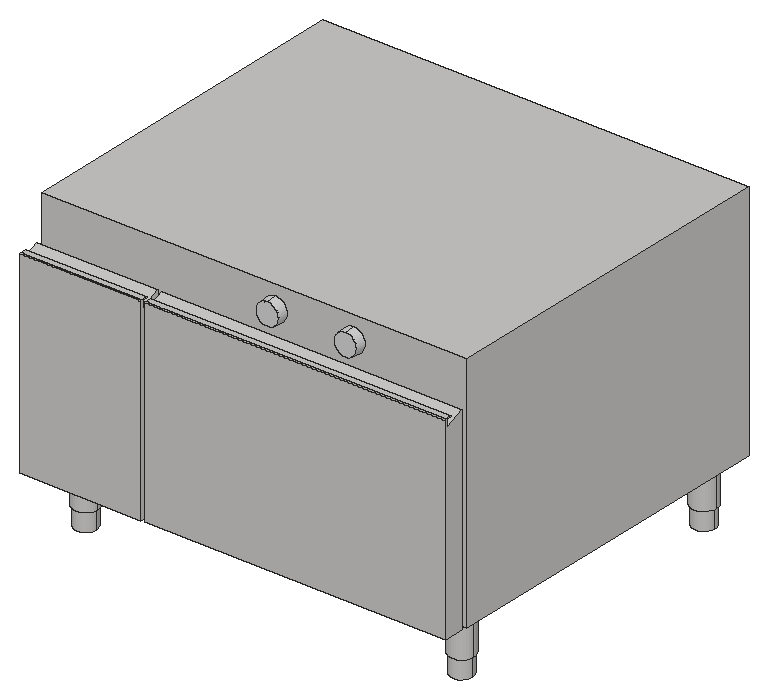
Revit family "QF_ZANUSSI_922617_CUBAHTR61021", category Specialty Equipment, Revit 2018
Family settings
  Round Connector Dimension = Use Diameter
  Part Type = Normal
  Work Plane-Based = No
  Always vertical = Yes
  Cut with Voids When Loaded = No
  Shared = No
  Room Calculation Point = No
Parameters
  Weight = 0.00 kg
  Watts = 0 W
  Volts = 230 V
  URL Manufacturer = "http://www.zanussiprofessional.com"
  URL = "http://www.zanussiprofessional.com"
  Steam Supply Size = 0 mm
  Steam Supply Minimum Pressure = 0.0 Pa
  Steam Supply Maximum Pressure = 0.0 Pa
  Steam Pounds per Hour = 0
  Show Clearance [instance] = yes
  Refrigeration Suction Line Size = 0 mm
  Refrigeration Liquid Line Size = 0 mm
  Refrigerant Compressor Remote = yes
  Manufacturer = "Zanussi"
  Phase = 1
  Model = "CUBAHTR61021"
  Length Actual = 1090 mm  # constant formula
  Item Number = "922617"
  Hot Water Size = 0 mm
  Height Actual = 764 mm  # constant formula
  HP = "3.5 HP"
  Gas Size = 0 mm
  Gas KW = 0
  Gas Input Pressure = 0 W
  Direct Waste Size = 0 mm
  Description = "HOT CUPBOARD BASE WITH TRAY SUPPORT FOR 6&10 GN 2/1 OVEN & 400X600MM"
  Depth Actual = 971 mm  # constant formula
  Cycle = 50 Hz
  Condensate Return Size = 0 mm
  Compressed Air Volume = 0.0 L/s
  Compressed Air Size = 0 mm
  Compressed Air Pressure = 0.0 Pa
  Cold Water Size = 0 mm
  Accessory = yes
Reference planes
  plane 1 "Center X": y = 190.351
  plane 2: z = 0
  plane 3 "Center Y": x = -215
  plane 4 "LEFT": x = -760
  plane 5 "BACK": y = 675.851
  plane 6 "RIGHT": x = 330
  plane 7 "FRONT": y = -295.149
  plane 8: z = 770
  plane 9: z = 670
  plane 10: x = -697
  plane 11: y = 612.851
  plane 12: x = 267
  plane 13: y = -164.149
  plane 14: z = 152
  plane 15: x = -394
Forms (mm)
  Extrusion 1, solid, material "QF_Finishes_Stainless Steel"
    sketch origin (-326.5, 0, 0) x (0, 1, 0) y (0, 0, 1)
      loop
        line (675.851, 152) -> (675.851, 770) -> (-227.149, 770) -> (-227.149, 152) -> (675.851, 152)
    from -433.5 to 656.5
  Extrusion 2, solid, material "QF_Finishes_Stainless Steel"
    sketch origin (-760, 0, 0) x (0, 1, 0) y (0, 0, 1)
      loop
        line (-242.149, 661.515) -> (-290.57, 640.907) -> (-290.57, 659.989) -> (-278.359, 659.989) -> (-278.359, 661.515) -> (-293.125, 661.515)
        arc (-293.125, 661.515) -> (-294.556, 660.922) -> (-295.149, 659.491) r 2.025
        line (-295.149, 659.491) -> (-295.149, 155.053) -> (-242.149, 155.053) -> (-242.149, 661.515)
    from 0 to 310
  Extrusion 3, solid, material "QF_Finishes_Stainless Steel"
    sketch origin (107, 0, 0) x (0, 1, 0) y (0, 0, 1)
      loop
        line (-242.149, 661.515) -> (-290.57, 640.907) -> (-290.57, 659.989) -> (-278.359, 659.989) -> (-278.359, 661.515) -> (-293.125, 661.515)
        arc (-293.125, 661.515) -> (-294.556, 660.922) -> (-295.149, 659.491) r 2.025
        line (-295.149, 659.491) -> (-295.149, 155.053) -> (-242.149, 155.053) -> (-242.149, 661.515)
    from 223 to -547
  Extrusion 4, solid, material "QF_Door-Drawer Clearances", detail levels coarse
    sketch origin (107, -293.012, 155.053) x (1, 0, 0) y (0, -1, 0)
      loop
        line (-547, 2.137) -> (223, 2.137) -> (223, 736.137)
        arc (223, 736.137) -> (-308.897, 523.238) -> (-547, 2.137) r 770.883
      loop
        line (-867, 2.137) -> (-557, 2.137)
        arc (-557, 2.137) -> (-647.797, 221.34) -> (-867, 312.137) r 310
        line (-867, 312.137) -> (-867, 2.137)
    from 0 to -506.462
  Blend 5, solid, material "QF_Finishes_Handrails and Railings"
    base sketch origin (-421.348, -227.149, 1465.128) x (0, 0, -1) y (1, 0, 0)
      loop
        circle (749.578, 464.325) r 30
    top sketch origin (-421.348, -227.149, 1465.128) x (0, 0, -1) y (1, 0, 0)
      loop
        circle (749.578, 464.325) r 28
    from 4 to 29.5
  Blend 6, solid, material "QF_Finishes_Handrails and Railings"
    base sketch origin (-621.46, -227.149, 1465.128) x (0, 0, -1) y (1, 0, 0)
      loop
        circle (749.578, 464.325) r 30
    top sketch origin (-621.46, -227.149, 1465.128) x (0, 0, -1) y (1, 0, 0)
      loop
        circle (749.578, 464.325) r 28
    from 4 to 29.5
  Extrusion 7, solid, material "QF_Finishes_Stainless Steel"
    sketch origin (-394, -1524, 854.325) x (0, 0, 1) y (0, -1, 0)
      loop
        circle (-378.325, -2027.851) r 14.3
    from 0 to -30
  Extrusion 8, solid, material "QF_Finishes_Stainless Steel"
    sketch origin (-394, -1449, 789.325) x (0, 0, 1) y (0, -1, 0)
      loop
        circle (-378.325, -1973.851) r 14.1
    from 0 to -20
Lines and regions (mm)
  Split face 1
    outline origin (-326.5, -227.149, 769.28) x (0, 0, -1) y (1, 0, 0)
      loop
        line (50.982, 245.213) -> (73.878, 245.213) -> (73.878, 293.142) -> (50.982, 293.142) -> (50.982, 245.213)
  symbolic lines, style "SpecialityEquipmentHiddenLines"
    curve 1: line (-760, 675.851, 1478) -> (330, 675.851, 1478)
    curve 2: line (-760, -295.149, 1478) -> (-760, 675.851, 1478)
    curve 3: line (330, -295.149, 1478) -> (-760, -295.149, 1478)
    curve 4: line (330, 675.851, 1478) -> (330, -295.149, 1478)
  symbolic lines, style "QF_Door-Drawer Clearances", visible <- "Show Clearance"
    curve 5: arc (-450, -295.149, 1478) -> (-540.797, -514.352, 1478) -> (-760, -605.149, 1478) r 310
    curve 6: line (-760, -295.149, 1478) -> (-760, -605.149, 1478)
    curve 7: arc (330, -1029.149, 1478) -> (-201.897, -816.25, 1478) -> (-440, -295.149, 1478) r 770.883
    curve 8: line (330, -1029.149, 1478) -> (330, -295.149, 1478)
Dimensions and locks
  equal spacing: plane 4 "LEFT", plane 3 "Center Y", plane 6 "RIGHT"
  plane 4 "LEFT" to plane 6 "RIGHT" = 1090 mm
  plane 5 "BACK" to plane 7 "FRONT" = 971 mm
  equal spacing: plane 5 "BACK", plane 1 "Center X", plane 7 "FRONT"
  Extrusion 7 sketch curve to plane 14 = 324 mm
  plane 5 "BACK" to Extrusion 7 sketch curve = 172 mm
  plane 5 "BACK" to Extrusion 8 sketch curve = 151 mm
  Extrusion 8 sketch curve to plane 14 = 259 mm
  aligned and locked: level to plane 2
Automatic sketch dimensions
  Extrusion 1 sketch curve to plane 14 = 0 mm
  Extrusion 1 sketch curve to plane 8 = 0 mm
  Extrusion 1 sketch curve to plane 5 "BACK" = 0 mm
  Extrusion 1 sketch curve to plane 13 = 63 mm
  Extrusion 1 to Blend 5 sketch curve = 54.45 mm  (x2)
  Extrusion 1 to Blend 5 sketch curve = 287.023 mm  (x2)
  Extrusion 1 to Blend 6 sketch curve = 54.45 mm  (x2)
  Extrusion 1 to Blend 6 sketch curve = 487.135 mm  (x2)
  Split face 1 sketch curve to Extrusion 1 = 51.702 mm
  Split face 1 sketch curve to Split face 1 sketch curve = 22.896 mm
  Split face 1 sketch curve to Extrusion 1 = 411.287 mm
  Split face 1 sketch curve to Split face 1 sketch curve = 47.929 mm
  curve 1 to plane 5 "BACK" = 0 mm
  curve 1 to plane 6 "RIGHT" = 0 mm
  curve 3 to plane 4 "LEFT" = 0 mm
  curve 3 to plane 7 "FRONT" = 0 mm
  Extrusion 3 sketch curve to plane 7 "FRONT" = 0 mm
  plane 7 "FRONT" to Extrusion 3 sketch curve = 2.025 mm
  plane 7 "FRONT" to Extrusion 3 sketch curve = 4.579 mm
  Extrusion 3 sketch curve to Extrusion 3 sketch curve = 12.211 mm
  plane 14 to Extrusion 3 sketch curve = 3.053 mm
  Extrusion 3 sketch curve to Extrusion 3 sketch curve = 53 mm
  Extrusion 3 sketch curve to plane 9 = 29.093 mm
  Extrusion 3 sketch curve to plane 9 = 10.509 mm
  Extrusion 3 sketch curve to Extrusion 3 sketch curve = 0.498 mm
  Extrusion 3 sketch curve to plane 9 = 8.485 mm
  Extrusion 2 sketch curve to plane 7 "FRONT" = 0 mm
  plane 7 "FRONT" to Extrusion 2 sketch curve = 2.025 mm
  plane 7 "FRONT" to Extrusion 2 sketch curve = 4.579 mm
  Extrusion 2 sketch curve to Extrusion 2 sketch curve = 12.211 mm
  plane 14 to Extrusion 2 sketch curve = 3.053 mm
  plane 7 "FRONT" to Extrusion 2 sketch curve = 53 mm
  Extrusion 2 sketch curve to plane 9 = 29.093 mm
  Extrusion 2 sketch curve to plane 9 = 10.509 mm
  Extrusion 2 sketch curve to Extrusion 2 sketch curve = 0.498 mm
  Extrusion 2 sketch curve to plane 9 = 8.485 mm
  Extrusion 4 sketch curve to Extrusion 3 = 0 mm  (x4)
  Extrusion 3 to Extrusion 4 sketch curve = 320 mm
  Extrusion 3 to Extrusion 4 sketch curve = 734 mm
  Extrusion 3 to Extrusion 4 sketch curve = 10 mm
  curve 7 to plane 6 "RIGHT" = 0 mm
  curve 7 to plane 7 "FRONT" = 0 mm
  curve 5 to plane 4 "LEFT" = 0 mm
  curve 8 to plane 7 "FRONT" = 0 mm
  curve 6 to plane 7 "FRONT" = 0 mm
  curve 5 to curve 6 = 0 mm
  curve 7 to curve 8 = 36.883 mm
  curve 6 to plane 7 "FRONT" = 310 mm
  curve 8 to plane 7 "FRONT" = 734 mm
  radius of Blend 5 sketch curve = 30 mm
  radius of Blend 5 sketch curve = 28 mm
  radius of Blend 6 sketch curve = 30 mm
  radius of Blend 6 sketch curve = 28 mm
  radius of Extrusion 7 sketch curve = 14.3 mm
  radius of Extrusion 8 sketch curve = 14.1 mm
Nested families
  nested 1: "Foot_Adjustable" at (-697, 612.851, 0), type "Foot_Adjustable"
    with Ø2 28 mm, Ø1 32 mm, Ht 152 mm, H1 48 mm
  nested 2: "Foot_Adjustable" at (267, 612.851, 0), type "Foot_Adjustable"
    with Ø2 28 mm, Ø1 32 mm, Ht 152 mm, H1 48 mm
  nested 3: "Foot_Adjustable" at (267, -164.149, 0), type "Foot_Adjustable"
    with Ø2 28 mm, Ø1 32 mm, Ht 152 mm, H1 48 mm
  nested 4: "Foot_Adjustable" at (-697, -164.149, 0), type "Foot_Adjustable"
    with Ø2 28 mm, Ø1 32 mm, Ht 152 mm, H1 48 mm
  nested 5: "Sun" at (330, -295.149, 1478), type "Sun"
Connectors
  electrical at (-424, 503.851, 476), driven by "Volts"
    settings: on Extrusion 7, index 1, voltage 230 V, apparent load 0 VA, apparent load phase1 0 VA, apparent load phase2 0 VA, apparent load phase3 0 VA, power factor 1, load classification "Altro", number of poles 1, system type 30, power factor state 1, is connector primary yes, connector utility no, sub classification motor no, connector description "Electrical Connection"
  piping at (-414, 524.851, 411), diameter 28.2
    settings: on Extrusion 8, index 2, connector inside diameter 609.6 mm, connector length 0 mm, flow factor 0, pipe flow 0.0 L/s, pressure drop 0.0 Pa, fitting loss kfactor 0, connector angle 0.00°, fixture units 0, engagement length 0 mm, angle of deflection 0.00°, flow configuration 0, flow direction 0, fitting loss method 0, system type 19, joint type 0, gender type 0, connector reference index -1, connector utility 0, adjustable connector no, is connector primary yes, connector description "Cold Water Inlet"
Definition of nested family "Foot_Adjustable"
  Parameters
    Ø2 [instance] = 25 mm
    Ø1 [instance] = 29 mm
    H1 [instance] = 48 mm
    Ht [instance] = 150 mm
  Reference planes
    plane 1 "Centro (Fronte/Retro)": y = 0
    plane 2: z = 0
    plane 3 "Centro (Sinistra/Destra)": x = 0
    plane 4: z = 150
  Forms (mm)
    Revolve 1, solid
      sketch origin (255.05, 0, 608.09) x (0, 0, 1) y (-1, 0, 0)
        loop
          line (-608.09, 255.05) -> (-608.09, 230.05) -> (-560.09, 230.05) -> (-560.09, 226.05) -> (-458.09, 226.05) -> (-458.09, 255.05) -> (-608.09, 255.05)
        axis (-608.09, 255.05) -> (-458.09, 255.05)
      angle from 0 to 360
  Dimensions and locks
    "H1": level to Revolve 1 sketch curve
    "Ht": plane 4 to level
    "Ø2": Revolve 1 sketch curve to Revolve 1 sketch curve
    "Ø1": Revolve 1 sketch curve to Revolve 1 sketch curve
    aligned and locked: level to plane 2
    aligned and locked: plane 4 to Revolve 1 sketch curve
    aligned and locked: Revolve 1 sketch curve to level
    aligned and locked: plane 3 "Centro (Sinistra/Destra)" to Revolve 1 sketch curve
  Automatic sketch dimensions
    Revolve 1 sketch curve to plane 3 "Centro (Sinistra/Destra)" = 0 mm
    plane 4 to Revolve 1 sketch curve = 50 mm
    Revolve 1 sketch curve to Revolve 1 sketch curve = 20 mm
Definition of nested family "Sun"
  Reference planes
    plane 1 "Center (Front/Back)": y = 0
    plane 2: z = 0
    plane 3 "Center (Left/Right)": x = 0
  Lines and regions (mm)
    detail lines, in view "Ref. Level"
      curve 1: spline (-500, 190, 0) -> (-493.185, 166.706, 0) -> (-473.205, 145, 0) -> (-441.421, 126.36, 0) -> (-400, 112.058, 0) -> (-351.764, 103.067, 0) -> (-300, 100, 0) -> (-248.236, 103.067, 0) -> (-200, 112.058, 0) -> (-158.579, 126.36, 0) -> (-126.795, 145, 0) -> (-106.815, 166.706, 0) -> (-100, 190, 0) -> (-106.815, 213.294, 0) -> (-126.795, 235, 0) -> (-158.579, 253.64, 0) -> (-200, 267.942, 0) -> (-248.236, 276.933, 0) -> (-300, 280, 0) -> (-351.764, 276.933, 0) -> (-400, 267.942, 0) -> (-441.421, 253.64, 0) -> (-473.205, 235, 0) -> (-493.185, 213.294, 0) -> (-500, 190, 0)
      curve 2: circle (-300, 190, 0) r 35 normal (0, 0, 1)
      curve 3: line (-318, 221.177, 0) -> (-330, 241.962, 0)
      curve 4: line (-300, 226, 0) -> (-300, 250, 0)
      curve 5: line (-282, 221.177, 0) -> (-270, 241.962, 0)
      curve 6: line (-268.823, 208, 0) -> (-248.038, 220, 0)
      curve 7: line (-264, 190, 0) -> (-240, 190, 0)
      curve 8: line (-268.823, 172, 0) -> (-248.038, 160, 0)
      curve 9: line (-282, 158.823, 0) -> (-270, 138.038, 0)
      curve 10: line (-300, 154, 0) -> (-300, 130, 0)
      curve 11: line (-318, 158.823, 0) -> (-330, 138.038, 0)
      curve 12: line (-331.177, 172, 0) -> (-351.962, 160, 0)
      curve 13: line (-336, 190, 0) -> (-360, 190, 0)
      curve 14: line (-331.177, 208, 0) -> (-351.962, 220, 0)
